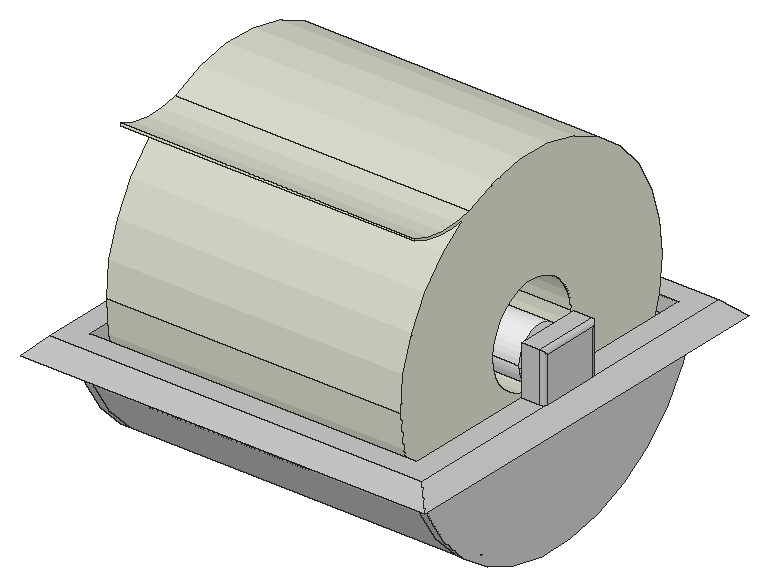
Revit family "Toilet_Tissue_Dispenser-Bradley_Corp-510-5102-5104", category Specialty Equipment, host Face, Revit 2012
Parameters (values of type "510-55")
  Width = 6.188"
  Warranty Information = "Complete Unit 1 Year Warranty. This Warranty does not cover installation or any other labor charges and does not apply to any units which have been damaged by abuse, improper installation, imporper maintanence, or altered in any way."
  Version = "2.0"
  Unit Material = Metal - Bradley Corp - Stainless Steel - Satin
  URL = "http://www.bradleycorp.com/"
  Type Comments = "Chrome-Plated Brass, with Back Clamp"
  Technical Data = "n/a"
  Spindle Material = Plastic - Bradley Corp - Chrome
  Specifications URL = "http://www.bradleycorp.com/3partspec"
  Recess Depth = 2.000"
  Product Tech Data URL - Spanish = ""
  Product Tech Data URL - French = ""
  Product Tech Data URL - English = "http://bradleycorp.com/download/300/8465.pdf"
  Percentage of Recycled Content = 0
  Paper Product Visibility [instance] = yes
  OmniClass Table 23 Title = "Toilet Paper Dispensers"
  OmniClass Table 23 Number = "23.31.25.21"
  OmniClass Table 21 Title = "Toilet, Bath, and Laundry Accessories"
  OmniClass Table 21 Number = "21-03 10 90 40"
  Modeling Code = "n/a"
  Model Depth = 2.000"
  Model = "510-55"
  Material Note = "n/a"
  MasterFormat Title = "Toilet, Bath, and Laundry Accessories"
  MasterFormat Number = "10 28 00"
  Manufacturer = "Bradley Corporation"
  Low Emitting Material = no
  LEED Credit = ""
  Industry Standards = "n/a"
  Height = 6.188"
  Fire Rating = "n/a"
  Description = "Toilet Tissue Dispenser"
  Depth = 3.000"
  Default Elevation = 48.000"
  Copyright = "This Model is Property of Bradley Corporation"
  Complies to NAFTA = "n/a"
  Buy American Act = "To Be Determined"
  Assembly Code = ""
  ADA Compliant = "Yes"
Types (10): name | Width | Unit Material | Type Comments | Spindle Material | Recess Depth | Model | Height | Assembly Code
  (no name) | 6.188" | Metal - Bradley Corp - Stainless Steel - Satin | "Chrome-Plated Brass, with Back Clamp" | Plastic - Bradley Corp - Chrome | 2.000" | "510-55" | 6.188" | ""
  510 | 6.188" | Metal - Bradley Corp - Brass - Chrome Plate | "Chrome-Plated Brass" | Plastic - Bradley Corp - Chrome | 1.750" | "510" | 6.188" | "C1030200"
  5102 | 6.375" | Metal - Bradley Corp - Stainless Steel - Bright Polish | "Bright Finish Stainless Steel" | Plastic - Bradley Corp - White | 2.000" | "5102" | 6.375" | ""
  5104 | 6.375" | Metal - Bradley Corp - Stainless Steel - Satin | "Satin Finish Stainless Steel" | Plastic - Bradley Corp - Chrome | 2.000" | "5104" | 6.375" | ""
  510-55 | 6.188" | Metal - Bradley Corp - Stainless Steel - Satin | "Chrome-Plated Brass, with Back Clamp" | Plastic - Bradley Corp - Chrome | 2.000" | "510-55" | 6.188" | ""
  5102-55 | 6.375" | Metal - Bradley Corp - Stainless Steel - Bright Polish | "Bright Finish Stainless Steel, with Back Clamp" | Plastic - Bradley Corp - White | 2.000" | "5102-55" | 6.375" | ""
  5104-55 | 6.375" | Metal - Bradley Corp - Stainless Steel - Satin | "Satin Finish Stainless Steel, with Back Clamp" | Plastic - Bradley Corp - Chrome | 2.000" | "5104-55" | 6.375" | ""
  5102-US | 6.375" | Metal - Bradley Corp - Stainless Steel - Bright Polish | "Bright Finish Stainless Steel, Domestic" | Plastic - Bradley Corp - White | 2.000" | "5102-US" | 6.375" | ""
  5104-US | 6.375" | Metal - Bradley Corp - Stainless Steel - Satin | "Satin Finish Stainless Steel, Domestic" | Plastic - Bradley Corp - Chrome | 2.000" | "5104-US" | 6.375" | ""
  5102-52 | 6.375" | Metal - Bradley Corp - Stainless Steel - Bright Polish | "Bright Finish Stainless Steel, Anti-Theft Spindle" | Plastic - Bradley Corp - White | 2.000" | "5102-52" | 6.375" | ""
Reference planes (in)
  plane 1 "Center (Front/Back)": y = 0
  plane 2: z = 0
  plane 3 "Center (Left/Right)": x = 0
  plane 4 "Top": y = 3.094
  plane 5 "Left": x = -3.094
  plane 6 "Right": x = 3.094
  plane 7 "Bottom": y = -3.094
  plane 8 "Back": z = -2
  plane 9: z = 1
Forms (in)
  Extrusion 1, void
    sketch origin (0, 0, 0) x (1, 0, 0) y (0, 1, 0)
      loop
        line (-2.625, 2.625) -> (-2.625, -2.625) -> (2.625, -2.625) -> (2.625, 2.625) -> (-2.625, 2.625)
    from 0 to -2
  Extrusion 2, solid, material "Metal - Bradley Corp - Stainless Steel - Satin" <- "Unit Material", detail levels coarse+medium
    sketch origin (0, 0, 0) x (1, 0, 0) y (0, 1, 0)
      loop
        line (-3.094, 3.094) -> (-3.094, -3.094) -> (3.094, -3.094) -> (3.094, 3.094) -> (-3.094, 3.094)
      loop
        line (-2.5, 2.5) -> (-2.5, -2.5) -> (2.5, -2.5) -> (2.5, 2.5) -> (-2.5, 2.5)
    from 0 to 0.25
  Extrusion 3, solid, material "Metal - Bradley Corp - Stainless Steel - Satin" <- "Unit Material"
    sketch origin (0, 0, 0) x (0, 1, 0) y (0, 0, 1)
      loop
        arc (-2.625, 0) -> (0, -2) -> (2.625, 0) r 2.72266
        line (2.625, 0) -> (2.5, 0)
        arc (2.5, 0) -> (0, -1.88715) -> (-2.5, 0) r 2.59951
        line (-2.5, 0) -> (-2.625, 0)
    from -2.5 to 2.5
  Extrusion 4, solid, material "Metal - Bradley Corp - Stainless Steel - Bright Polish", detail levels fine
    sketch origin (0, 0, 0) x (1, 0, 0) y (0, 1, 0)
      loop
        line (-3.094, 3.094) -> (-3.094, -3.094) -> (3.094, -3.094) -> (3.094, 3.094) -> (-3.094, 3.094)
      loop
        line (-2.5, 2.5) -> (-2.5, -2.5) -> (2.5, -2.5) -> (2.5, 2.5) -> (-2.5, 2.5)
    from 0 to 0.25
  Extrusion 5, solid, material "Metal - Bradley Corp - Stainless Steel - Satin" <- "Unit Material"
    sketch origin (0, 0, 0) x (0, 1, 0) y (0, 0, 1)
      loop
        arc (-2.625, 0) -> (0, -2) -> (2.625, 0) r 2.72266
        line (2.625, 0) -> (-2.625, 0)
    from 2.5 to 2.62275
  Extrusion 6, solid, material "Metal - Bradley Corp - Stainless Steel - Satin" <- "Unit Material"
    sketch origin (-5.75, 0, 0) x (0, 1, 0) y (0, 0, 1)
      loop
        arc (-2.625, 0) -> (0, -2) -> (2.625, 0) r 2.72266
        line (2.625, 0) -> (-2.625, 0)
    from 3.12493 to 3.25
  Sweep 7, void
    path in 3D
      loop
        line (3.094, -3.094, 0.25) -> (3.094, 3.094, 0.25) -> (-3.094, 3.094, 0.25) -> (-3.094, -3.094, 0.25) -> (3.094, -3.094, 0.25)
    profile origin (0, -3.094, 0.25) x (0, 1, 0) y (0, 0, 1)
      loop
        line (0, -0.25) -> (0.25, 0) -> (0.25, 0.25) -> (-0.25, 0.25) -> (-0.25, -0.25) -> (0, -0.25)
  Extrusion 8, solid, material "Paper - Bradley Corp- White", visible <- "Paper Product Visibility", detail levels fine
    sketch origin (0, -0.00247, -2.24577) x (0, 1, 0) y (0, 0, 1)
      loop
        circle (0, 3.0625) r 2.5
      loop
        circle (0, 3.0625) r 0.75
    from -2.25 to 2.25
  Extrusion 9, solid, material "Paper - Bradley Corp- White", visible <- "Paper Product Visibility", detail levels medium
    sketch origin (0, -0.00247, -2.24577) x (0, 1, 0) y (0, 0, 1)
      loop
        circle (0, 3.0625) r 2.5
    from -2.25 to 2.25
  Extrusion 10, solid, material "Plastic - Bradley Corp - Chrome" <- "Spindle Material", detail levels fine
    sketch origin (0.00127, 0, -2.42189) x (0, 1, 0) y (0, 0, 1)
      loop
        circle (0, 3.02345) r 0.48047
    from -2.38009 to 0.39286
  Extrusion 11, solid, material "Plastic - Bradley Corp - Chrome" <- "Spindle Material", detail levels fine
    sketch origin (0.00127, 0, -2.42189) x (0, 1, 0) y (0, 0, 1)
      loop
        circle (0, 3.02345) r 0.39844
    from 0.39286 to 2.38009
  Extrusion 12, solid, material "Plastic - Bradley Corp - Chrome" <- "Spindle Material", detail levels fine
    sketch origin (0.00127, 0, -2.42189) x (0, 1, 0) y (0, 0, 1)
      loop
        circle (0, 3.02345) r 0.30078
    from -2.50127 to -2.38009
  Extrusion 13, solid, material "Plastic - Bradley Corp - Chrome" <- "Spindle Material", detail levels fine
    sketch origin (0.00127, 0, -2.42189) x (0, 1, 0) y (0, 0, -1)
      loop
        circle (0, -3.02345) r 0.30078
    from -2.49873 to -2.38009
  Extrusion 14, solid, material "Plastic - Bradley Corp - Chrome" <- "Spindle Material", detail levels coarse+medium
    sketch origin (0.00127, 0, -2.42189) x (0, 1, 0) y (0, 0, 1)
      loop
        circle (0, 3.0174) r 0.48043
    from -2.50127 to 2.49873
  Extrusion 15, solid, material "Metal - Bradley Corp - Stainless Steel - Satin" <- "Unit Material", detail levels coarse+medium
    sketch origin (0, 0, 0) x (0, 1, 0) y (0, 0, 1)
      loop
        line (-0.5, 0.25) -> (0.5, 0.25) -> (0.5, 1) -> (-0.5, 1) -> (-0.5, 0.25)
    from 2.5 to 2.844
  Extrusion 16, solid, material "Metal - Bradley Corp - Stainless Steel - Satin" <- "Unit Material", detail levels coarse+medium
    sketch origin (-5.4375, 0, 0) x (0, 1, 0) y (0, 0, 1)
      loop
        line (-0.5, 0.25) -> (0.5, 0.25) -> (0.5, 1) -> (-0.5, 1) -> (-0.5, 0.25)
    from 2.5935 to 2.9375
  Extrusion 17, solid, material "Metal - Bradley Corp - Stainless Steel - Satin" <- "Unit Material", detail levels fine
    sketch origin (0, 0, 0) x (0, 1, 0) y (0, 0, 1)
      loop
        line (-0.5, 0.25) -> (0.5, 0.25) -> (0.5, 1) -> (-0.5, 1) -> (-0.5, 0.25)
    from 2.5 to 2.844
  Extrusion 18, solid, material "Metal - Bradley Corp - Stainless Steel - Satin" <- "Unit Material", detail levels fine
    sketch origin (-5.4375, 0, 0) x (0, 1, 0) y (0, 0, 1)
      loop
        line (-0.5, 0.25) -> (0.5, 0.25) -> (0.5, 1) -> (-0.5, 1) -> (-0.5, 0.25)
    from 2.5935 to 2.9375
  Sweep 19, void
    path origin (0, 0, -6) x (0, 1, 0) y (0, 0, 1)
      loop
        line (0.5, 6.25) -> (0.5, 7) -> (-0.5, 7) -> (-0.5, 6.25)
    profile origin (0, 0, 1) x (0, 0, -1) y (1, 0, 0)
      loop
        line (0, -2.77682) -> (-0.27045, -2.77682) -> (-0.27045, -3.094) -> (0.06718, -3.094) -> (0.06718, -2.844)
        arc (0.06718, -2.844) -> (0.01968, -2.82432) -> (0, -2.77682) r 0.06718
      loop
        arc (0, 2.77682) -> (0.01968, 2.82432) -> (0.06718, 2.844) r 0.06718
        line (0.06718, 2.844) -> (0.06718, 3.094) -> (-0.27045, 3.094) -> (-0.27045, 2.77682) -> (0, 2.77682)
  Extrusion 20, solid, material "Paper - Bradley Corp- White", visible <- "Paper Product Visibility", detail levels fine
    sketch origin (0, 0.02914, -1.51794) x (0, 1, 0) y (0, 0, 1)
      loop
        arc (-1, 4.61988) -> (-1.625, 4.47987) -> (-2.25, 4.61988) r 1.46508
        line (-2.25, 4.61988) -> (-2.26333, 4.59161)
        arc (-2.26333, 4.59161) -> (-1.6194, 4.44864) -> (-0.97655, 4.59643) r 1.49633
        line (-0.97655, 4.59643) -> (-1, 4.61988)
    from -2.25 to 2.25
Cuts and joins
  joined: Extrusion 3, Extrusion 5, Extrusion 6
  Sweep 7 cuts Extrusion 4
  Sweep 19 cuts Extrusion 17
  Sweep 19 cuts Extrusion 18
  joined: Extrusion 8, Extrusion 20
Lines and regions (in)
  Masking region 1
    outline origin (0, 0, 0) x (1, 0, 0) y (0, 1, 0)
      loop
        line (-3.094, 3.094) -> (-3.094, -3.094) -> (3.094, -3.094) -> (3.094, 3.094) -> (-3.094, 3.094)
  Masking region 2
    outline origin (0, 0, 0) x (1, 0, 0) y (0, 0, 1)
      loop
        line (2.844, 0.25) -> (2.844, 0.93282)
        arc (2.844, 0.93282) -> (2.82432, 0.98032) -> (2.77682, 1) r 0.06718
        line (2.77682, 1) -> (2.5, 1) -> (2.5, 0.90234) -> (2.38135, 0.90234) -> (2.38135, 1) -> (0.39413, 1) -> (0.39413, 1.08203) -> (-2.37882, 1.08203) -> (-2.37882, 0.90234) -> (-2.5, 0.90234) -> (-2.5, 1) -> (-2.77682, 1)
        arc (-2.77682, 1) -> (-2.82432, 0.98032) -> (-2.844, 0.93282) r 0.06718
        line (-2.844, 0.93282) -> (-2.844, 0.25) -> (-3.094, 0) -> (3.094, 0) -> (2.844, 0.25)
  Masking region 3
    outline origin (0, 0, 0) x (0, 1, 0) y (0, 0, 1)
      loop
        line (-3.094, 0) -> (3.094, 0) -> (2.844, 0.25) -> (0.5, 0.25) -> (0.5, 1) -> (-0.5, 1) -> (-0.5, 0.25) -> (-2.844, 0.25) -> (-3.094, 0)
  Masking region 4, built-in parameter 1006206 <- "Paper Product Visibility", detail levels fine
    outline origin (0, 0, 0) x (0, 1, 0) y (0, 0, 1)
      loop
        arc (2.43245, 0.25) -> (-0.00247, 3.31673) -> (-2.43739, 0.25) r 2.5
        line (-2.43739, 0.25) -> (-0.5, 0.25) -> (-0.5, 1) -> (0.5, 1) -> (0.5, 0.25) -> (2.43245, 0.25)
  sketch lines
    curve 1: line (-3.094, -3.094, 0.25) -> (3.094, -3.094, 0.25)
    curve 2: line (-3.094, 3.094, 0.25) -> (-3.094, -3.094, 0.25)
    curve 3: line (3.094, 3.094, 0.25) -> (-3.094, 3.094, 0.25)
    curve 4: line (3.094, -3.094, 0.25) -> (3.094, 3.094, 0.25)
  symbolic lines, detail levels medium+fine
    curve 5: line (-2.5, 2.5, 0) -> (2.5, 2.5, 0)
    curve 6: line (-2.5, -2.5, 0) -> (-2.5, 2.5, 0)
    curve 7: line (2.5, -2.5, 0) -> (-2.5, -2.5, 0)
    curve 8: line (2.5, 2.5, 0) -> (2.5, -2.5, 0)
    curve 9: line (-2.37882, 0.48047, 0) -> (-2.37882, -0.48047, 0)
    curve 10: line (0.39413, -0.48047, 0) -> (0.39413, 0.48047, 0)
    curve 11: line (2.38135, -0.39844, 0) -> (2.38135, 0.39844, 0)
    curve 12: line (-2.37882, 0.48047, 0) -> (0.39413, 0.48047, 0)
    curve 13: line (-2.37882, -0.48047, 0) -> (0.39413, -0.48047, 0)
    curve 14: line (0.39413, 0.39844, 0) -> (2.38135, 0.39844, 0)
    curve 15: line (2.38135, -0.39844, 0) -> (0.39413, -0.39844, 0)
  symbolic lines, detail levels fine
    curve 16: line (2.844, 0, 0.25) -> (-2.844, 0, 0.25)
    curve 17: line (0.39413, 0, 1) -> (0.39413, 0, 0.25)
    curve 18: line (2.38135, 0, 0.25) -> (2.38135, 0, 0.90234)
    curve 19: line (-2.37882, 0, 0.90234) -> (-2.37882, 0, 0.25)
Dimensions and locks (in)
  locked: Extrusion 1 sketch curve to Extrusion 1 sketch curve at 5.25  (x2)
  equal spacing: Extrusion 1 sketch curve, plane 3 "Center (Left/Right)", Extrusion 1 sketch curve
  equal spacing: Extrusion 1 sketch curve, plane 1 "Center (Front/Back)", Extrusion 1 sketch curve
  equal spacing: plane 4 "Top", plane 1 "Center (Front/Back)", plane 7 "Bottom"
  "Height": plane 4 "Top" to plane 7 "Bottom"
  equal spacing: plane 6 "Right", plane 3 "Center (Left/Right)", plane 5 "Left"
  "Width": plane 6 "Right" to plane 5 "Left"
  "Model Depth": plane 2 to plane 8 "Back"
  locked: Extrusion 2 sketch curve to Extrusion 2 sketch curve at 5  (x2)
  equal spacing: Extrusion 2 sketch curve, plane 1 "Center (Front/Back)", Extrusion 2 sketch curve
  equal spacing: Extrusion 2 sketch curve, plane 3 "Center (Left/Right)", Extrusion 2 sketch curve
  locked: Extrusion 4 sketch curve to Extrusion 4 sketch curve at 5  (x2)
  equal spacing: Extrusion 4 sketch curve, plane 3 "Center (Left/Right)", Extrusion 4 sketch curve
  equal spacing: Extrusion 4 sketch curve, plane 1 "Center (Front/Back)", Extrusion 4 sketch curve
  Sweep 7 sketch curve to profile plane to Sweep 7 sketch curve = 0.250" locked, 0.250" locked  (x2)
  equal spacing: Extrusion 15 sketch curve, plane 1 "Center (Front/Back)", Extrusion 15 sketch curve
  locked: Extrusion 15 sketch curve to Extrusion 15 sketch curve at 1
  locked: Extrusion 16 sketch curve to Extrusion 16 sketch curve at 1
  equal spacing: Extrusion 16 sketch curve, plane 1 "Center (Front/Back)", Extrusion 16 sketch curve
  Extrusion 17 sketch curve to Extrusion 17 sketch curve = 1.000"
  locked: Extrusion 17 sketch curve to Extrusion 17 sketch curve at 1
  locked: Extrusion 18 sketch curve to Extrusion 18 sketch curve at 1
  Extrusion 18 sketch curve to Extrusion 18 sketch curve = 1.000"
  Extrusion 5 sketch curve to plane 1 "Center (Front/Back)" to Extrusion 5 sketch curve = 2.625" locked, 2.625" locked
  Extrusion 3 sketch curve to plane 1 "Center (Front/Back)" to Extrusion 3 sketch curve = 2.625" locked, 2.625" locked
  Extrusion 3 sketch curve to plane 1 "Center (Front/Back)" to Extrusion 3 sketch curve = 2.500" locked, 2.500" locked
  Extrusion 6 sketch curve to plane 1 "Center (Front/Back)" to Extrusion 6 sketch curve = 2.625" locked, 2.625" locked
  locked: Extrusion 20 sketch curve to plane 1 "Center (Front/Back)" at 2.22086
  locked: Extrusion 20 sketch curve to plane 1 "Center (Front/Back)" at 0.97086
  locked: Extrusion 20 sketch curve to plane 1 "Center (Front/Back)" at 2.23419
  locked: Extrusion 20 sketch curve to plane 1 "Center (Front/Back)" at 0.94741
  "Depth": plane 9 to plane 8 "Back"
  aligned and locked: plane 2 to host face
  aligned and locked: level to host face
  aligned and locked: Extrusion 1 to plane 2
  aligned and locked: Extrusion 1 to plane 8 "Back"
  aligned and locked: plane 5 "Left" to Extrusion 2 sketch curve
  aligned and locked: Extrusion 2 sketch curve to plane 4 "Top"
  aligned and locked: plane 7 "Bottom" to Extrusion 2 sketch curve
  aligned and locked: Extrusion 2 sketch curve to plane 6 "Right"
  aligned and locked: Extrusion 4 to plane 2
  aligned and locked: Extrusion 6 to Extrusion 2
  aligned and locked: plane 5 "Left" to Extrusion 4 sketch curve
  aligned and locked: Extrusion 4 sketch curve to plane 4 "Top"
  aligned and locked: Extrusion 4 sketch curve to plane 6 "Right"
  aligned and locked: plane 7 "Bottom" to Extrusion 4 sketch curve
  aligned and locked: Sweep 19 sketch curve to Extrusion 17  (x2)
  aligned and locked: Masking region 1 sketch curve to Extrusion 2  (x4)
  aligned and locked: Masking region 2 sketch curve to cut or joined group of Extrusion 4, Sweep 7  (x3)
  aligned and locked: Extrusion 16 to Masking region 2 sketch curve
  aligned and locked: Masking region 2 sketch curve to cut or joined group of Extrusion 18, Sweep 19
  aligned and locked: Masking region 2 sketch curve to cut or joined group of Extrusion 17, Sweep 19
  aligned and locked: Extrusion 15 to Masking region 2 sketch curve
  aligned and locked: Masking region 3 sketch curve to cut or joined group of Extrusion 4, Sweep 7  (x4)
  aligned and locked: Masking region 3 sketch curve to Extrusion 15  (x3)
  aligned and locked: Masking region 4 sketch curve to cut or joined group of Extrusion 8, Extrusion 20
  aligned and locked: Masking region 4 sketch curve to Masking region 3
  aligned and locked: Masking region 3 to Masking region 4 sketch curve
  aligned and locked: Masking region 4 sketch curve to Extrusion 15  (x3)
Automatic sketch dimensions
  host sketch curve to host sketch curve = 15.22226"
  host sketch curve to host sketch curve = 9.79667"
  Extrusion 3 sketch curve to level = 0.000"
  Extrusion 3 sketch curve to plane 1 "Center (Front/Back)" = 0.000"
  Extrusion 3 sketch curve to Extrusion 3 sketch curve = 0.01029"
  Extrusion 5 sketch curve to level = 0.000"
  Extrusion 6 sketch curve to level = 0.000"
  Sweep 7 sketch curve to profile plane = 0.000"  (x2)
  Extrusion 8 sketch curve to Extrusion 8 sketch curve = 0.000"  (x3)
  plane 1 "Center (Front/Back)" to Extrusion 8 sketch curve = 0.00247"
  plane 1 "Center (Front/Back)" to Extrusion 9 sketch curve = 0.00247"
  Extrusion 10 sketch curve to plane 1 "Center (Front/Back)" = 0.000"
  Extrusion 11 sketch curve to plane 1 "Center (Front/Back)" = 0.000"
  Extrusion 12 sketch curve to plane 1 "Center (Front/Back)" = 0.000"
  Extrusion 13 sketch curve to plane 1 "Center (Front/Back)" = 0.000"
  Extrusion 14 sketch curve to plane 1 "Center (Front/Back)" = 0.000"
  plane 1 "Center (Front/Back)" to Extrusion 17 sketch curve = 0.500"
  plane 1 "Center (Front/Back)" to Extrusion 18 sketch curve = 0.500"
  plane 1 "Center (Front/Back)" to Sweep 19 sketch curve = 0.500"
  Sweep 19 sketch curve to profile plane = 0.000"  (x2)
  profile plane to Sweep 19 sketch curve = 0.27045"  (x2)
  Sweep 19 sketch curve to profile plane = 0.06718"  (x2)
  Sweep 19 sketch curve to plane 3 "Center (Left/Right)" = 3.094"
  Sweep 19 sketch curve to Sweep 19 sketch curve = 0.250"
  plane 3 "Center (Left/Right)" to Sweep 19 sketch curve = 2.77682"
  Sweep 19 sketch curve to Sweep 19 sketch curve = 0.31718"
  Extrusion 20 sketch curve to Extrusion 20 sketch curve = 0.000"  (x3)
  Extrusion 20 sketch curve to Extrusion 20 sketch curve = 0.625"
  Extrusion 20 sketch curve to Extrusion 20 sketch curve = 0.00482"
  Extrusion 20 sketch curve to Extrusion 20 sketch curve = 0.02826"
  level to Extrusion 3 sketch curve = 0.71236"
  level to Extrusion 5 sketch curve = 0.72266"
  level to Extrusion 6 sketch curve = 0.72266"
  level to Extrusion 8 sketch curve = 0.81673"
  level to Extrusion 9 sketch curve = 0.81673"
  level to Extrusion 10 sketch curve = 0.60156"
  level to Extrusion 11 sketch curve = 0.60156"
  level to Extrusion 12 sketch curve = 0.60156"
  level to Extrusion 13 sketch curve = 0.60156"
  level to Extrusion 14 sketch curve = 0.59551"
  level to Extrusion 15 sketch curve = 0.250"
  Extrusion 15 sketch curve to Extrusion 15 sketch curve = 0.750"
  level to Extrusion 16 sketch curve = 0.250"
  Extrusion 16 sketch curve to Extrusion 16 sketch curve = 0.750"
  level to Extrusion 17 sketch curve = 0.250"
  Extrusion 17 sketch curve to Extrusion 17 sketch curve = 0.750"
  level to Extrusion 18 sketch curve = 0.250"
  Extrusion 18 sketch curve to Extrusion 18 sketch curve = 0.750"
  level to Sweep 19 sketch curve = 0.250"  (x2)
  level to Extrusion 20 sketch curve = 3.07367"
  plane 5 "Left" to curve 7 = 0.594"
  plane 5 "Left" to curve 9 = 0.71518"
  plane 3 "Center (Left/Right)" to curve 14 = 0.39413"
  plane 3 "Center (Left/Right)" to curve 10 = 0.39413"
  curve 11 to plane 6 "Right" = 0.71265"
  curve 8 to plane 6 "Right" = 0.594"
  plane 7 "Bottom" to curve 7 = 0.594"
  plane 1 "Center (Front/Back)" to curve 10 = 0.48047"
  plane 1 "Center (Front/Back)" to curve 11 = 0.39844"
  curve 14 to plane 1 "Center (Front/Back)" = 0.39844"
  curve 14 to curve 12 = 0.08203"
  curve 6 to plane 4 "Top" = 0.594"
  Masking region 2 sketch curve to plane 9 = 0.000"
  Masking region 2 sketch curve to Masking region 2 sketch curve = 0.27682"
  Masking region 2 sketch curve to Masking region 2 sketch curve = 0.12118"
  plane 9 to Masking region 2 sketch curve = 0.08203"
  plane 3 "Center (Left/Right)" to Masking region 2 sketch curve = 0.39413"
  Masking region 2 sketch curve to Masking region 2 sketch curve = 0.39547"
  Masking region 2 sketch curve to Masking region 2 sketch curve = 0.11865"
  Masking region 2 sketch curve to plane 9 = 0.09766"  (x2)
  Masking region 2 sketch curve to plane 9 = 0.06718"
  curve 17 to plane 9 = 0.000"
  plane 5 "Left" to curve 16 = 0.250"
  curve 19 to plane 9 = 0.09766"
  plane 5 "Left" to curve 19 = 0.71518"
  plane 3 "Center (Left/Right)" to curve 17 = 0.39413"
  curve 18 to plane 9 = 0.09766"
  curve 18 to plane 6 "Right" = 0.71265"
  curve 16 to plane 6 "Right" = 0.250"
  level to curve 16 = 0.250"
  level to Masking region 3 sketch curve = 0.250"
  radius of Extrusion 8 sketch curve = 2.500"
  radius of Extrusion 8 sketch curve = 0.750"
  radius of Extrusion 9 sketch curve = 2.500"
  radius of Extrusion 10 sketch curve = 0.48047"
  radius of Extrusion 11 sketch curve = 0.39844"
  radius of Extrusion 12 sketch curve = 0.30078"
  radius of Extrusion 13 sketch curve = 0.30078"
  radius of Extrusion 14 sketch curve = 0.48043"
